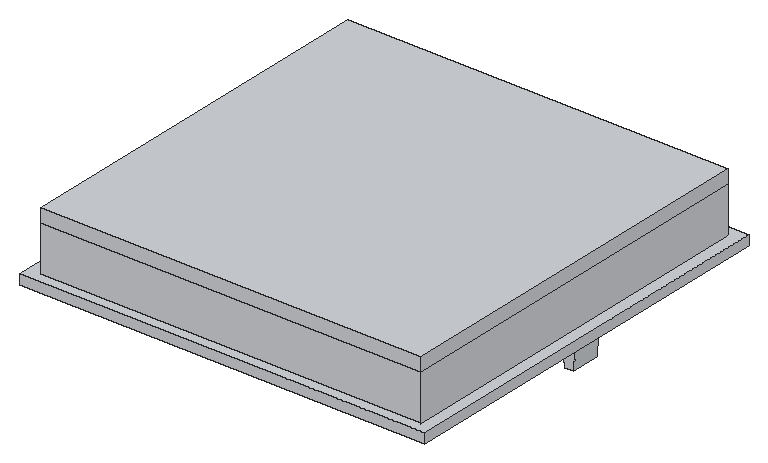
Revit family "Gira_028765", category Electrical Fixtures, host Face, Revit 2017
Family settings
  Host = Face
  Maintain Annotation Orientation = No
  Round Connector Dimension = Use Diameter
  Part Type = Normal
  Cut with Voids When Loaded = No
  Shared = No
  Room Calculation Point = No
Parameters (values of type "Wippe Symb. Tür Gira TX_44 (WG UP) F Alu")
  Werkstoffgüte = "sonstige"
  Werkstoff = "Kunststoff"
  Verwendung = "Schalter/Taster"
  URL = "http://katalog.gira.de/de_DE/datenblatt.html?artikelnr=028765"
  Region = "DE"
  Oberfläche = "sonstige"
  Name = "Wippe Symb. Tür Gira TX_44 (WG UP) F Alu"
  Mit austauschbarer Linse/Symbol = "No"
  Mit Beschriftungsfeld = "No"
  Manufacturer URL = "https://www.gira.de/"
  Kontrollfenster/Lichtauslass = "Yes"
  Keynote = "TX44_Abdeckung_Schalten und Tasten"
  HeinzeBIM = "https://bimportal.heinze.de/bim/wippe-symb-tuer-gira-tx-44-wg-up-f-alu/a820301c0debb51eb17d94fdfdf0e078156be77a"
  Halogenfrei = "No"
  HAN = "028765"
  Geeignet für Schutzart (IP) = "IP44"
  Geeignet für Bussystem-Tasterankopplung = "No"
  GTIN = "4010337287650"
  Farbe = "aluminium"
  Default Elevation = 1219.2 mm
  Data sheet (1) = "https://katalog.gira.de/de_DE/download.html?artikelnr=028765"
  Category = "Abdeckung/Bedienelement für Installationsschalterprogramme"
  Befestigungsart = "Klemmbefestigung"
  Available = "Yes"
  Ausführung = "einteilige Wippe"
  Aufdruck/Kennzeichnung = "Symbol \"Schlüssel/Tür\""
  Abtastbares Symbol/barrierefrei = "No"
Reference planes
  plane 1 "Center (Front/Back)": y = 0
  plane 2: z = 0
  plane 3 "Center (Left/Right)": x = 0
Forms (mm)
  Extrusion 1, solid, detail levels fine
    sketch origin (0, 0, 0) x (1, 0, 0) y (0, 1, 0)
      loop
        line (34.85, 34.85) -> (-34.85, 34.85) -> (-34.85, -34.85) -> (34.85, -34.85) -> (34.85, 34.85)
      loop
        line (-31.45, 31.8) -> (-31.45, -31.8) -> (31.45, -31.8) -> (31.45, 31.8) -> (-31.45, 31.8)
    from 0 to 1.7
  Extrusion 2, solid, detail levels fine
    sketch origin (0, 0, 0) x (1, 0, 0) y (0, 1, 0)
      loop
        line (32.8, 33.05) -> (-32.8, 33.05) -> (-32.8, -33.05) -> (32.8, -33.05) -> (32.8, 33.05)
      loop
        line (-31.45, 31.8) -> (-31.45, -31.8) -> (31.45, -31.8) -> (31.45, 31.8) -> (-31.45, 31.8)
    from 1.566 to 9.515
  Extrusion 3, solid, detail levels fine
    sketch origin (0, 0, 0) x (1, 0, 0) y (0, 1, 0)
      loop
        line (32.8, 33.05) -> (-32.8, 33.05) -> (-32.8, -33.05) -> (32.8, -33.05) -> (32.8, 33.05)
    from 9.515 to 11.816
  Extrusion 4, solid, detail levels fine
    sketch origin (0, 0, 0) x (1, 0, 0) y (0, 0, 1)
      loop
        line (-32.815, 0) -> (-34.827, 0) -> (-34.611, -3.084) -> (-33.031, -3.084) -> (-32.815, 0)
      loop
        line (32.815, 0) -> (33.031, -3.084) -> (34.611, -3.084) -> (34.827, 0) -> (32.815, 0)
    from -2.513 to 2.5
  Extrusion 5, solid, detail levels fine
    sketch origin (0, 0, 0) x (1, 0, 0) y (0, 1, 0)
      loop
        spline (-23.686, 23.152) -> (-23.856, 23.114) -> (-24.022, 23.062) -> (-24.184, 22.995) -> (-24.338, 22.915) -> (-24.486, 22.821) -> (-24.624, 22.715) -> (-24.753, 22.597) -> (-24.87, 22.468) -> (-24.977, 22.33) -> (-25.07, 22.183) -> (-25.151, 22.028) -> (-25.218, 21.867)
        line (-25.218, 21.867) -> (-29.35, 10.513) -> (-29.35, -10.487) -> (-25.218, -21.841)
        spline (-25.218, -21.841) -> (-25.151, -22.002) -> (-25.07, -22.156) -> (-24.977, -22.304) -> (-24.87, -22.442) -> (-24.753, -22.571) -> (-24.624, -22.688) -> (-24.486, -22.795) -> (-24.338, -22.888) -> (-24.184, -22.969) -> (-24.022, -23.036) -> (-23.856, -23.088) -> (-23.686, -23.126)
        line (-23.686, -23.126) -> (0, -27.302) -> (23.686, -23.126)
        spline (23.686, -23.126) -> (23.856, -23.088) -> (24.022, -23.036) -> (24.184, -22.969) -> (24.338, -22.888) -> (24.486, -22.795) -> (24.624, -22.688) -> (24.753, -22.571) -> (24.87, -22.442) -> (24.977, -22.304) -> (25.07, -22.156) -> (25.151, -22.002) -> (25.218, -21.841)
        line (25.218, -21.841) -> (29.35, -10.487) -> (29.35, 10.513) -> (25.218, 21.867)
        spline (25.218, 21.867) -> (25.151, 22.028) -> (25.07, 22.183) -> (24.977, 22.33) -> (24.87, 22.468) -> (24.753, 22.597) -> (24.624, 22.715) -> (24.486, 22.821) -> (24.338, 22.915) -> (24.184, 22.995) -> (24.022, 23.062) -> (23.856, 23.114) -> (23.686, 23.152)
        line (23.686, 23.152) -> (0, 27.328) -> (-23.686, 23.152)
      loop
        line (-24.278, 21.525) -> (-28.35, 10.337) -> (-28.35, -10.311) -> (-24.278, -21.498)
        spline (-24.278, -21.498) -> (-24.245, -21.579) -> (-24.204, -21.656) -> (-24.157, -21.73) -> (-24.104, -21.799) -> (-24.045, -21.863) -> (-23.981, -21.922) -> (-23.912, -21.976) -> (-23.838, -22.022) -> (-23.761, -22.063) -> (-23.68, -22.096) -> (-23.597, -22.122) -> (-23.512, -22.141)
        line (-23.512, -22.141) -> (0, -26.287) -> (23.512, -22.141)
        spline (23.512, -22.141) -> (23.597, -22.122) -> (23.68, -22.096) -> (23.761, -22.063) -> (23.838, -22.022) -> (23.912, -21.976) -> (23.981, -21.922) -> (24.045, -21.863) -> (24.104, -21.799) -> (24.157, -21.73) -> (24.204, -21.656) -> (24.245, -21.579) -> (24.278, -21.498)
        line (24.278, -21.498) -> (28.35, -10.311) -> (28.35, 10.337) -> (24.278, 21.525)
        spline (24.278, 21.525) -> (24.245, 21.605) -> (24.204, 21.683) -> (24.157, 21.756) -> (24.104, 21.825) -> (24.045, 21.89) -> (23.981, 21.949) -> (23.912, 22.002) -> (23.838, 22.048) -> (23.761, 22.089) -> (23.68, 22.122) -> (23.597, 22.148) -> (23.512, 22.167)
        line (23.512, 22.167) -> (0, 26.313) -> (-23.512, 22.167)
        spline (-23.512, 22.167) -> (-23.597, 22.148) -> (-23.68, 22.122) -> (-23.761, 22.089) -> (-23.838, 22.048) -> (-23.912, 22.002) -> (-23.981, 21.949) -> (-24.045, 21.89) -> (-24.104, 21.825) -> (-24.157, 21.756) -> (-24.204, 21.683) -> (-24.245, 21.605) -> (-24.278, 21.525)
    from 4.866 to 9.515
  Extrusion 6, solid, detail levels fine
    sketch origin (0, 0, 0) x (1, 0, 0) y (0, 1, 0)
      loop
        arc (0, 8.51) -> (-1.055, 8.223) -> (-1.717, 7.352) r 1.7
        line (-1.717, 7.352) -> (-2.205, 5.894) -> (-2.205, 4.213) -> (-4.36, 4.213)
        arc (-4.36, 4.213) -> (-4.865, 4.091) -> (-5.257, 3.75) r 1.1
        arc (-5.257, 3.75) -> (-6.02, 2.328) -> (-6.406, 0.761) r 6.45
        arc (-6.406, 0.761) -> (-6.7, 0.013) -> (-6.406, -0.735) r 1.1
        arc (-6.406, -0.735) -> (-6.02, -2.302) -> (-5.257, -3.724) r 6.45
        arc (-5.257, -3.724) -> (-4.865, -4.064) -> (-4.36, -4.187) r 1.1
        line (-4.36, -4.187) -> (-2.1, -4.187) -> (-2.1, -5.243)
        arc (-2.1, -5.243) -> (-1.847, -5.944) -> (-1.206, -6.323) r 1.1
        arc (-1.206, -6.323) -> (0, -6.437) -> (1.206, -6.323) r 6.45
        arc (1.206, -6.323) -> (1.847, -5.944) -> (2.1, -5.243) r 1.1
        line (2.1, -5.243) -> (2.1, -4.187) -> (4.36, -4.187)
        arc (4.36, -4.187) -> (4.865, -4.064) -> (5.257, -3.724) r 1.1
        arc (5.257, -3.724) -> (6.02, -2.302) -> (6.406, -0.735) r 6.45
        arc (6.406, -0.735) -> (6.7, 0.013) -> (6.406, 0.761) r 1.1
        arc (6.406, 0.761) -> (6.02, 2.328) -> (5.257, 3.75) r 6.45
        arc (5.257, 3.75) -> (4.865, 4.091) -> (4.36, 4.213) r 1.1
        line (4.36, 4.213) -> (2.205, 4.213) -> (2.205, 5.894) -> (1.717, 7.352)
        arc (1.717, 7.352) -> (1.055, 8.223) -> (0, 8.51) r 1.7
    from -6.834 to 9.515
  Extrusion 7, solid, detail levels coarse
    sketch origin (0, 0, 0) x (1, 0, 0) y (0, 1, 0)
      loop
        line (34.85, 34.85) -> (-34.85, 34.85) -> (-34.85, -34.85) -> (34.85, -34.85) -> (34.85, 34.85)
    from -6.834 to 11.816
  Extrusion 8, solid, detail levels medium
    sketch origin (0, 0, 0) x (1, 0, 0) y (0, 1, 0)
      loop
        line (32.8, 33.05) -> (-32.8, 33.05) -> (-32.8, -33.05) -> (32.8, -33.05) -> (32.8, 33.05)
    from 1.566 to 11.816
  Extrusion 9, solid, detail levels medium
    sketch origin (0, 0, 0) x (1, 0, 0) y (0, 1, 0)
      loop
        line (34.85, 34.85) -> (-34.85, 34.85) -> (-34.85, -34.85) -> (34.85, -34.85) -> (34.85, 34.85)
    from 0 to 1.7
  Extrusion 10, solid, detail levels medium
    sketch origin (0, 0, 0) x (1, 0, 0) y (0, 1, 0)
      loop
        circle (0, 1.036) r 7.473
    from -6.834 to 9.515
  Extrusion 11, solid, detail levels medium
    sketch origin (0, 0, 0) x (1, 0, 0) y (0, 0, 1)
      loop
        line (-32.815, -3.084) -> (-32.815, 0) -> (-34.827, 0) -> (-34.827, -3.084) -> (-32.815, -3.084)
      loop
        line (32.815, -3.084) -> (34.827, -3.084) -> (34.827, 0) -> (32.815, 0) -> (32.815, -3.084)
    from -2.513 to 2.5
Dimensions and locks
  aligned and locked: plane 2 to host face
  aligned and locked: level to host face
